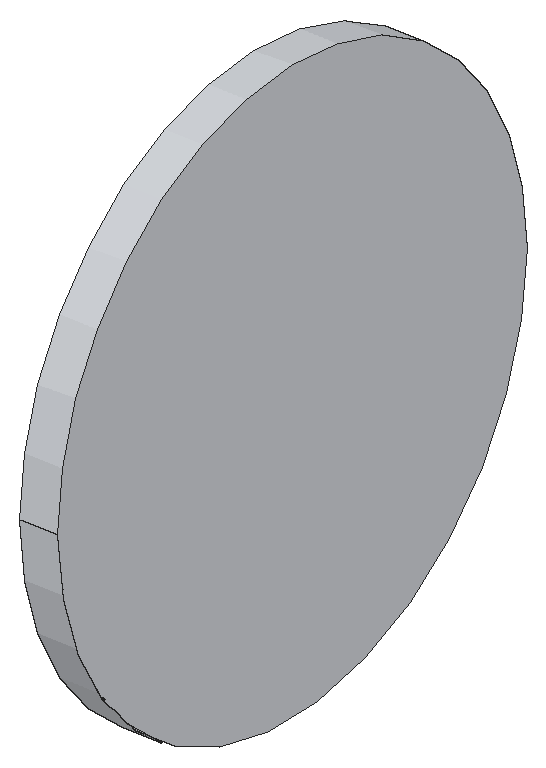
Revit family "8b3050a43c1348fb971dbd277cc09bf7", category Pipe Fittings, Revit 2021
Family settings
  Round Connector Dimension = Use Radius
  Part Type = Flange
  OmniClass Number = 23.60.30.11.14
  OmniClass Title = Pipework Fittings
  Seek Item ID = Flange - Threaded - GI - Class 250-0000-USA-ENU
  Work Plane-Based = No
  Always vertical = Yes
  Cut with Voids When Loaded = No
  Shared = No
Parameters (values of type "Standard")
  Tick Size [instance] = Flange Diameter * 0.4  # 3.7560"
  Nominal Radius [instance] = 2.0000"
  Nominal Diameter [instance] = Nominal Radius * 2  # 4.0000"
  Loss Method = Not Defined
  Lookup Table Name = "Flange - Hub - Steel - Class 150"
  Length [instance] = size_lookup(Lookup Table Name, "Lgt", 0.03 * Nominal Diameter + 0.9700", Nominal Diameter)  # 1.0900"
  Hub Radius [instance] = Hub Diameter / 2  # 2.8750"
  Hub Diameter [instance] = size_lookup(Lookup Table Name, "HDia", 1.02 * Nominal Diameter + 1.6700", Nominal Diameter)  # 5.7500"
  Flange Thickness [instance] = size_lookup(Lookup Table Name, "FThk", 0.02 * Nominal Diameter + 0.5300", Nominal Diameter)  # 0.6100"
  Flange Radius [instance] = Flange Diameter / 2  # 4.6950"
  Flange Diameter [instance] = size_lookup(Lookup Table Name, "FDia", 1.13 * Nominal Diameter + 4.8700", Nominal Diameter)  # 9.3900"
  Default Elevation = 0.0000"
Reference planes (in)
  plane 1 "Center (Front/Back)": y = 0
  plane 2: z = 0
  plane 3 "Center (Left/Right)": x = 0
  plane 4: y = 3.756
  plane 5: y = -3.756
  plane 6: x = 0.48
  plane 7: x = 1.09
Forms (in)
  Extrusion 1, solid, detail levels fine
    sketch origin (0, 0, 0) x (0, 1, 0) y (0, 0, 1)
      loop
        circle (0, 0) r 4.695
    from 0.48 to 1.09
  Extrusion 2, solid, detail levels fine
    sketch origin (0, 0, 0) x (0, 1, 0) y (0, 0, 1)
      loop
        circle (0, 0) r 2.875
    from 0 to 0.48
Lines and regions (in)
  model lines, detail levels coarse+medium
    curve 1: line (0.48, 3.756, 0) -> (0.48, -3.756, 0)
  model lines, style "PipeFitting", detail levels coarse+medium
    curve 2: line (1.09, 0, 0) -> (0, 0, 0)
Dimensions and locks (in)
  equal spacing: plane 4, plane 1 "Center (Front/Back)", plane 5
  "Tick Size": plane 4 to plane 1 "Center (Front/Back)"
  "Length": plane 3 "Center (Left/Right)" to plane 7
  "Flange Thickness": plane 6 to plane 7
  "Flange Radius": radius of Extrusion 1 sketch curve
  "Hub Radius": radius of Extrusion 2 sketch curve
  aligned and locked: plane 4 to curve 1
  aligned and locked: plane 5 to curve 1
  aligned and locked: curve 1 to plane 6
  aligned and locked: plane 1 "Center (Front/Back)" to curve 2
  aligned and locked: plane 2 to Extrusion 2 sketch curve
  aligned and locked: plane 1 "Center (Front/Back)" to Extrusion 2 sketch curve
  aligned and locked: Extrusion 2 to plane 3 "Center (Left/Right)"
  aligned and locked: plane 6 to Extrusion 2
  aligned and locked: plane 7 to Extrusion 1
  aligned and locked: Extrusion 1 to plane 6
  aligned and locked: plane 7 to curve 2
  aligned and locked: plane 3 "Center (Left/Right)" to curve 2
Automatic sketch dimensions
  Extrusion 1 sketch curve to level = 0.0000"
  Extrusion 1 sketch curve to plane 1 "Center (Front/Back)" = 0.0000"
Connectors (in)
  piping at (0, 0, 0), diameter 4, driven by "Nominal Radius"
    settings: on Extrusion 2, index 1, connector inside diameter 4.0000", connector length 0.0000", flow factor 0, pipe flow 0 GPM, pressure drop 0.00 psi, fitting loss kfactor 0, connector angle 0.00°, fixture units 0, engagement length 0.0000", angle of deflection 0.00°, flow configuration 0, flow direction 0, fitting loss method 0, system type 28, joint type 0, gender type 0, connector reference index 2, connector utility 0, adjustable connector no, is connector primary yes, connector description ""
  piping at (1.09, 0, 0), diameter 4, driven by "Nominal Radius"
    settings: on Extrusion 1, index 2, connector inside diameter 4.0000", connector length 0.0000", flow factor 0, pipe flow 0 GPM, pressure drop 0.00 psi, fitting loss kfactor 0, connector angle 0.00°, fixture units 0, engagement length 0.0000", angle of deflection 0.00°, flow configuration 0, flow direction 0, fitting loss method 0, system type 28, joint type 0, gender type 0, connector reference index 1, connector utility 0, adjustable connector no, is connector primary no, connector description ""
